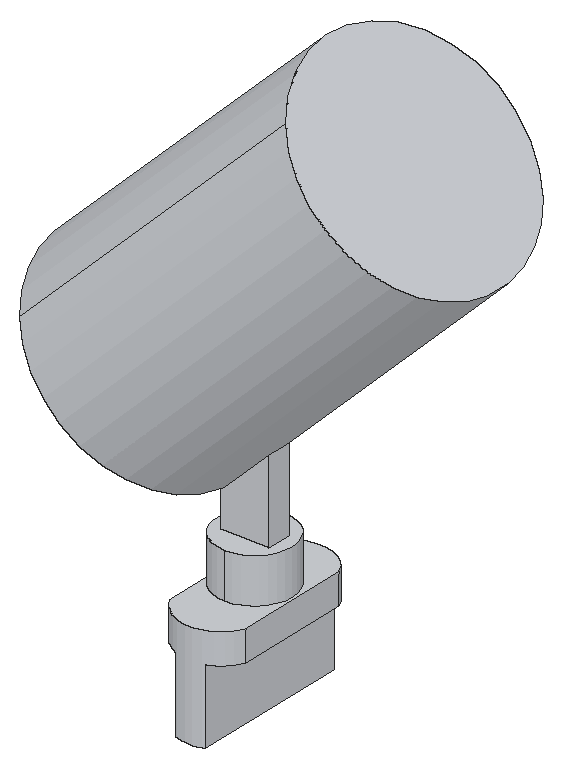
Revit family "EURS_63_LF_FB_ST151T", category Lighting Fixtures, host Face, Revit 2019
Family settings
  Host = Face
  Round Connector Dimension = Use Diameter
  Part Type = Normal
  Cut with Voids When Loaded = No
  Light Source = No
  Shared = No
  Room Calculation Point = No
Parameters (values of type "Type catalog")
  Width = 30 mm
  Voltage (V) = 230 V
  Visibility 2D symbol [instance] = not(Visibility 2D outline round)  # yes
  Visibility 2D outline round [instance] = no
  Suspension height = 100 mm
  Rotation XZ [instance] = 45.00°
  Rotation XY [instance] = 0.00°
  Product catalog - URL = "MODEL WEBPAGE"
  Order code = "ORDER CODE"
  Light source = 2 mm
  Length = 80 mm
  Last IES update = "DATE"
  Lamp type = ST151T IES Data : 1 xLED30S_930 MB
  Height = 100 mm
  Fixture code = "FIXTURE CODE"
  ETIM code URL = "ETIM CODE WEBPAGE"
  ETIM code = "MODEL ETIM CODE"
  Wattage Comments = ""
  URL = "http://www.lighting.philips.com/main/home"
  Type Comments = "Track Mount"
  Model = "MODEL NUMBER"
  Manufacturer = "Philips"
  Light loss factor = ""
  Lamp = "LAMP NAME"
  Initial luminous flux (lm) = ""
  Init. Corr. Color Temperature (K) = ""
  EOC = "EOC CODE"
  Description = "MODEL NAME"
  Default Elevation = 0 mm
  Content version = "1.0"
  Content modified date = "DATE"
  Content creation date = "DATE"
  Content Creator = "https://www.cadac.com/bimcontent"
  Constraint XZ [instance] = if(Rotation XZ < 0.00°, 0.00°, if(Rotation XZ > 90.00°, 90.00°, Rotation XZ))  # 45.00°
  Constraint XY [instance] = if(Rotation XY < 0.00°, 0.00°, if(Rotation XY > 357.00°, 357.00°, Rotation XY))  # 0.00°
  Ceiling thickness = 12.5 mm
  BIM Library - URL = "http://www.lighting.philips.com/main/support/support/revit-library#page=1"
  Assembly Code = ""
  Armatuurcode [instance] = ""
  Apparent Load = 0 VA
  12NC = "12NC CODE"
Reference planes
  plane 1 "Center (Front/Back)": y = 0
  plane 2: z = 0
  plane 3 "Center (Left/Right)": x = 0
  plane 4: z = 12.5
  plane 5 "left": x = -15
  plane 6 "right": x = 15
  plane 7 "back": y = 40
  plane 8 "front": y = -40
  plane 9: z = -12.5
  plane 10: z = -12.5
  plane 11 "Light Source": z = 168
  plane 12: z = 166
Dimensions and locks
  equal spacing: plane 7 "back", plane 1 "Center (Front/Back)", plane 8 "front"
  equal spacing: plane 5 "left", plane 3 "Center (Left/Right)", plane 6 "right"
  "Width": plane 5 "left" to plane 6 "right"
  "Length": plane 8 "front" to plane 7 "back"
  "Ceiling thickness": plane 10 to host face
  "Light source": plane 12 to plane 11 "Light Source"
  plane 12 to host face = 166 mm
  aligned and locked: plane 2 to host face
  aligned and locked: level to host face
  aligned and locked: host face to plane 9
  aligned and locked: nested 3 to plane 3 "Center (Left/Right)"
  aligned and locked: nested 3 to plane 1 "Center (Front/Back)"
  aligned and locked: nested 5 to plane 3 "Center (Left/Right)"
  aligned and locked: plane 1 "Center (Front/Back)" to nested 5
Automatic sketch dimensions
  host sketch curve to host sketch curve = 700 mm  (x2)
Nested families
  nested 1: "2D-PL-Rond" at (0, 0, 0), visible <- "Visibility 2D outline round", Diameters <- "Length", type "2D symbool"
    with Diameters 80 mm
  nested 2: "63_PHILIPS_Template_Track mount" at (0, 0, 0), type "Type catalog"
    with Visibility 2D symbol yes, Visibility 2D outline no, Visibility 2D driver no, Armatuurcode ""
  nested 3: "combined" at (0, 0, 62), rotatie 1 <- "Constraint XY", rotatie 2 <- "Constraint XZ", type "combined"
    with rotatie 2 45.00°, rotatie 1 0.00°
  nested 4: "Generic model rotatie front" at (0, 0, 62), type "Generic model rotatie front"
    with rotatie 2 45.00°
  nested 5: "2D-PL-Rond + symbool + peil" at (0, 0, 0), Rotation XY <- "Constraint XY", visible <- "Visibility 2D symbol", Diameters <- "Length", type "2D symbool"
    with radius 40 mm, Rotation XY 0.00°, Diameters 80 mm
  nested 6: "2D-PL-peil" at (0, 0, 0) x (-1, 0, 0) z (0, 0, 1), type "2D symbool"
  nested 7: "Generic model sweep" at (-20.506, 0, 82.506) x (0.7071, 0, 0.7071) z (0, -1, 0), type "Generic model sweep"
  nested 8: "ST151T IES Data" at (52.498, 0.543, 156.58) x (-0.7071, 0, 0.7071) z (-0.7071, 0, -0.7071), type <- "Lamp type", type "1 xLED30S_930 MB"
Connectors
  electrical at (0, 0, 0), driven by "Apparent Load", driven by "Voltage (V)"
    settings: index 1, voltage 230 V, apparent load 0 VA, apparent load phase1 0 VA, apparent load phase2 0 VA, apparent load phase3 0 VA, power factor 1, load classification "Lighting", number of poles 1, system type 31, power factor state 1, is connector primary yes, connector utility no, sub classification motor no, connector description ""
Definition of nested family "63_PHILIPS_Template_Track mount"
  Parameters (values of type "Type catalog")
    Width = 300 mm
    Voltage (V) = 0 V
    Visibility 2D symbol [instance] = not(Visibility 2D outline)  # yes
    Visibility 2D outline [instance] = no
    Visibility 2D driver [instance] = no
    Rotation XZ = 0.00°
    Rotation XY = 0.00°
    Product catalog - URL = "WEBPAGE MODEL"
    Order code = "ORDER CODE"
    Offset = 1 mm
    Length = 300 mm
    Last IES update = "DATE"
    Height = 100 mm
    Fixture code = "FIXTURE CODE"
    ETIM code URL = "WEBPAGE ETIM CODE"
    ETIM code = "MODEL ETIM CODE"
    EOC = "EOC CODE"
    Content version = "1.0"
    Content modified date = "DATE"
    Content creation date = "DATE"
    Connetor body height = 10 mm
    Connector width = 25 mm
    Wattage Comments = ""
    URL = "http://www.lighting.philips.nl/home"
    Type Comments = "Track Mount"
    Model = "MODEL NUMBER"
    Manufacturer = "Philips"
    Light loss factor = ""
    Lamp = ""
    Initial luminous flux (lm) = ""
    Init. Corr. Color Temperature (K) = ""
    Description = "MODEL NAME"
    Default Elevation = 0 mm
    Content Creator = "https://www.cadac.com/bimcontent"
    Connector height = 25 mm
    BIM Library - URL = "http://www.lighting.philips.com/main/support/support/revit-library#page=1"
    Assembly Code = ""
    Armatuurcode [instance] = ""
    Apparent Load = 0 VA
    12NC = "12NC CODE"
  Reference planes
    plane 1 "Center (Front/Back)": y = 0
    plane 2: z = 0
    plane 3 "Center (Left/Right)": x = 0
    plane 4 "Cadac Group AEC": y = 0
    plane 5: z = 11
    plane 6: z = -24
    plane 7: z = 1
    plane 8: x = -150
    plane 9: y = -150
    plane 10: y = 150
    plane 11: x = 150
    plane 12: z = 125.635
  Forms (mm)
    Extrusion 1, solid
      sketch origin (0, 0, 0) x (1, 0, 0) y (0, 1, 0)
        loop
          line (-350, 290) -> (-350, -329.519) -> (377.065, -329.519) -> (377.065, 290) -> (-350, 290)
      from 0 to -12.5
    Extrusion 2, solid
      sketch origin (0, 0, 11) x (0, -1, 0) y (1, 0, 0)
        loop
          arc (19.5, -12.5) -> (27.5, 0) -> (19.5, 12.5) r 13.766
          line (19.5, 12.5) -> (-19.5, 12.5)
          arc (-19.5, 12.5) -> (-27.5, 0) -> (-19.5, -12.5) r 13.766
          line (-19.5, -12.5) -> (19.5, -12.5)
      from 0 to -35
    Extrusion 3, void
      sketch origin (0, 0, 1) x (0, -1, 0) y (1, 0, 0)
        loop
          line (-40, -5) -> (-40, -15) -> (40, -15) -> (40, -5) -> (-40, -5)
        loop
          line (-40, 5) -> (40, 5) -> (40, 15) -> (-40, 15) -> (-40, 5)
      from 0 to -25
  Cuts and joins
    Extrusion 3 cuts Extrusion 2
  Dimensions and locks
    "Connector height": plane 6 to plane 7
    equal spacing: plane 8, plane 3 "Center (Left/Right)", plane 11
    "Length": plane 8 to plane 11
    equal spacing: plane 9, plane 1 "Center (Front/Back)", plane 10
    "Width": plane 9 to plane 10
    "Offset": plane 2 to plane 7
    "Connetor body height": plane 7 to plane 5
    aligned and locked: plane 2 to Extrusion 1
    aligned and locked: level to Extrusion 1
    aligned and locked: plane 4 "Cadac Group AEC" to plane 1 "Center (Front/Back)"
    aligned and locked: Extrusion 2 to plane 6
    aligned and locked: Extrusion 3 to plane 6
  Automatic sketch dimensions
    Extrusion 1 sketch curve to Extrusion 1 sketch curve = 727.065 mm
    Extrusion 1 sketch curve to Extrusion 1 sketch curve = 619.519 mm
    Extrusion 2 sketch curve to plane 3 "Center (Left/Right)" = 0 mm  (x2)
    plane 1 "Center (Front/Back)" to Extrusion 2 sketch curve = 19.5 mm  (x2)
    plane 1 "Center (Front/Back)" to Extrusion 2 sketch curve = 13.734 mm
    Extrusion 2 sketch curve to plane 1 "Center (Front/Back)" = 13.734 mm
    Extrusion 2 sketch curve to Extrusion 2 sketch curve = 5.766 mm
    Extrusion 2 sketch curve to plane 3 "Center (Left/Right)" = 12.5 mm
    plane 3 "Center (Left/Right)" to Extrusion 3 sketch curve = 5 mm
    plane 1 "Center (Front/Back)" to Extrusion 3 sketch curve = 40 mm
    Extrusion 3 sketch curve to Extrusion 3 sketch curve = 0 mm  (x2)
    Extrusion 3 sketch curve to plane 1 "Center (Front/Back)" = 40 mm
    Extrusion 3 sketch curve to plane 3 "Center (Left/Right)" = 5 mm
    Extrusion 3 sketch curve to Extrusion 3 sketch curve = 10 mm  (x2)
  Nested families
    nested 1: "63_PHILIPS_bulb_e" at (0, 0, 0), front rim outside radius <- "Connector width", type "Bulb"
      with front rim outside radius 25 mm
    nested 2: "63_PHILIPS_bulb_e" at (0, 0, 0), front rim outside radius <- "Connector width", type "Bulb"
      with front rim outside radius 25 mm
    nested 3: "2D-PL-Rond" at (0, 0, 0), Diameters <- "Length", visible <- "Visibility 2D outline", type "2D symbool"
      with Diameters 300 mm
    nested 4: "2D-PL-Driver" at (0, 0, 0), visible <- "Visibility 2D driver", type "2D symbool"
  Connectors
    electrical at (0, 0, 11), driven by "Apparent Load", driven by "Voltage (V)"
      settings: on cut or joined group of Extrusion 2, Extrusion 3, index 1, voltage 0 V, apparent load 0 VA, apparent load phase1 0 VA, apparent load phase2 0 VA, apparent load phase3 0 VA, power factor 1, load classification none, number of poles 1, system type 31, power factor state 1, is connector primary yes, connector utility no, sub classification motor no, connector description ""
  Definition of nested family "63_PHILIPS_bulb_e"
    Parameters
      front rim outside radius [instance] = 25 mm
      Description = "symbol  bulb"
      Copyright © Cadac = "www.cadac.com/aec"
      Cadac content versie = "3.2"  # constant formula
      Assembly Code = ""
    Reference planes
      plane 1 "Center (Front/Back)": y = 0
      plane 2: z = 0
      plane 3 "Center (Left/Right)": x = 0
      plane 4: y = 19.5
      plane 5: y = -19.5
    Lines and regions (mm)
      symbolic lines
        curve 1: line (-12.5, -19.5, 0) -> (-12.5, 19.5, 0)
        curve 2: line (12.5, 19.5, 0) -> (12.5, -19.5, 0)
        curve 3: arc (-12.5, -19.5, 0) -> (0, -27.5, 0) -> (12.5, -19.5, 0) r 13.766
        curve 4: arc (-12.5, 19.5, 0) -> (0, 27.5, 0) -> (12.5, 19.5, 0) r 13.766
    Dimensions and locks
      equal spacing: curve 1, plane 3 "Center (Left/Right)", curve 2
      "front rim outside radius": curve 1 to curve 2
      equal spacing: plane 5, plane 1 "Center (Front/Back)", plane 4
    Automatic sketch dimensions
      curve 4 to plane 3 "Center (Left/Right)" = 0 mm
      curve 3 to plane 3 "Center (Left/Right)" = 0 mm
      curve 1 to plane 5 = 0 mm
      plane 4 to curve 1 = 0 mm
      plane 5 to curve 3 = 5.766 mm
      plane 4 to curve 4 = 5.766 mm
  Definition of nested family "2D-PL-Rond"
    Parameters (values of type "2D symbool")
      Diameters [instance] = 250 mm
      Description = "Armatuur symbool"
      Copyright © Cadac = "www.cadac.com/aec"
      Cadac content versie = ""
      Assembly Code = ""
    Reference planes
      plane 1 "Center (Front/Back)": y = 0
      plane 2: z = 0
      plane 3 "Center (Left/Right)": x = 0
    Lines and regions (mm)
      symbolic lines
        curve 1: circle (0, 0, 0) r 125 normal (0, 0, 1)
    Dimensions and locks
      "Diameters": diameter of curve 1
    Automatic sketch dimensions
      plane 1 "Center (Front/Back)" to curve 1 = 0 mm
      curve 1 to plane 3 "Center (Left/Right)" = 0 mm
  Definition of nested family "2D-PL-Driver"
    Parameters (values of type "2D symbool")
      Description = "Armatuur symbool"
      Copyright © Cadac = "www.cadac.com/aec"
      Cadac content versie = ""
      Assembly Code = ""
    Reference planes
      plane 1 "Center (Front/Back)": y = 0
      plane 2: z = 0
      plane 3 "Center (Left/Right)": x = 0
    Lines and regions (mm)
      model lines
        curve 1: line (-12.5, -19.5, 0) -> (-12.5, 19.5, 0)
        curve 2: line (12.5, 19.5, 0) -> (12.5, -19.5, 0)
        curve 3: arc (-12.5, 19.5, 0) -> (0, 27.5, 0) -> (12.5, 19.5, 0) r 13.766
        curve 4: arc (-12.5, -19.5, 0) -> (0, -27.5, 0) -> (12.5, -19.5, 0) r 13.766
Definition of nested family "combined"
  Parameters (values of type "combined")
    rotatie 2 [instance] = 45.00°
    rotatie 1 [instance] = 0.00°
  Reference planes
    plane 1 "Center (Front/Back)": y = 0
    plane 2: z = 0
    plane 3 "Center (Left/Right)": x = 0
  Lines and regions (mm)
    reference lines
      curve 1: line (-1000, 0, 0) -> (1000, 0, 0)
      curve 2: line (0, 500, 0) -> (0, -500, 0)
  Dimensions and locks
    equal spacing: curve 1, plane 3 "Center (Left/Right)", curve 1
    equal spacing: curve 1, plane 1 "Center (Front/Back)", curve 1
    equal spacing: curve 1, curve 2, curve 1
    "rotatie 1": angle plane 1 "Center (Front/Back)" to curve 1
    aligned and locked: level to plane 2
    aligned and locked: curve 1 to nested 1
    aligned and locked: curve 2 to nested 1
  Automatic sketch dimensions
    curve 1 to curve 2 = 500 mm
    curve 2 to curve 1 = 500 mm
  Nested families
    nested 1: "Generic model u-profile" at (0, 0, 0) x (0, -1, 0) z (0, 0, 1), type "Generic model u-profil"
    nested 2: "Generic model rotatie front" at (0, 0, 0), rotatie 2 <- "rotatie 2", type "Generic model rotatie front"
      with rotatie 2 45.00°
    nested 3: "Generic model sweep" at (-20.506, 0, 20.506) x (0.7071, 0, 0.7071) z (0, -1, 0), type "Generic model sweep"
  Definition of nested family "Generic model u-profile"
    Parameters (values of type "Generic model u-profil")
      Default Elevation = 1219.2 mm
    Reference planes
      plane 1 "Center (Front/Back)": y = 0
      plane 2: z = 0
      plane 3 "Center (Left/Right)": x = 0
      plane 4: x = 4
      plane 5: x = -4
      plane 6: y = 7.979
      plane 7: y = -7.979
    Forms (mm)
      Extrusion 1, solid
        sketch origin (0, 0, -60) x (1, 0, 0) y (0, 1, 0)
          loop
            line (-4, 7.979) -> (-4, -7.979) -> (4, -7.979) -> (4, 7.979) -> (-4, 7.979)
        from 25 to 75
      Extrusion 2, solid
        sketch origin (0, 0, -50) x (1, 0, 0) y (0, 1, 0)
          loop
            circle (0, 0) r 12.5
        from 0 to 15
    Dimensions and locks
      equal spacing: plane 5, plane 3 "Center (Left/Right)", plane 4
      equal spacing: plane 6, plane 1 "Center (Front/Back)", plane 7
      aligned and locked: level to plane 2
    Automatic sketch dimensions
      Extrusion 1 sketch curve to plane 5 = 0 mm
      Extrusion 1 sketch curve to plane 4 = 0 mm
      Extrusion 1 sketch curve to plane 7 = 0 mm
      plane 6 to Extrusion 1 sketch curve = 0 mm
      plane 1 "Center (Front/Back)" to Extrusion 2 sketch curve = 0 mm
      Extrusion 2 sketch curve to plane 3 "Center (Left/Right)" = 0 mm
      radius of Extrusion 2 sketch curve = 12.5 mm
  Definition of nested family "Generic model sweep"
    Parameters (values of type "Generic model sweep")
      Default Elevation = 1219.2 mm
    Reference planes
      plane 1 "Center (Front/Back)": y = 0
      plane 2: z = 0
      plane 3 "Center (Left/Right)": x = 0
    Forms (mm)
      Sweep 1, solid
        path origin (41.5, 0, 0) x (1, 0, 0) y (0, 1, 0)
          loop
            line (-62.5, 0) -> (62.5, 0)
        profile "Profile_spot : Profile_spot" origin (41.5, 0, 0) x (0, 1, 0) y (0, 0, 1)
          loop
            circle (0, 0) r 40
    Dimensions and locks
      Sweep 1 sketch curve to Sweep 1 sketch curve = 125 mm
      aligned and locked: level to plane 2
Definition of nested family "Generic model sweep"
  Parameters (values of type "Generic model sweep")
    Default Elevation = 1219.2 mm
  Reference planes
    plane 1 "Center (Front/Back)": y = 0
    plane 2: z = 0
    plane 3 "Center (Left/Right)": x = 0
  Forms (mm)
    Sweep 1, solid
      path origin (41.5, 0, 0) x (1, 0, 0) y (0, 1, 0)
        loop
          line (-62.5, 0) -> (62.5, 0)
      profile "Profile_spot : Profile_spot" origin (41.5, 0, 0) x (0, 1, 0) y (0, 0, 1)
        loop
          circle (0, 0) r 40
  Dimensions and locks
    Sweep 1 sketch curve to Sweep 1 sketch curve = 125 mm
    aligned and locked: level to plane 2
Definition of nested family "2D-PL-Rond"
  Parameters (values of type "2D symbool")
    Diameters [instance] = 250 mm
    Description = "Armatuur symbool"
    Copyright © Cadac = "www.cadac.com/aec"
    Cadac content versie = ""
    Assembly Code = ""
  Reference planes
    plane 1 "Center (Front/Back)": y = 0
    plane 2: z = 0
    plane 3 "Center (Left/Right)": x = 0
  Lines and regions (mm)
    symbolic lines
      curve 1: circle (0, 0, 0) r 125 normal (0, 0, 1)
  Dimensions and locks
    "Diameters": diameter of curve 1
  Automatic sketch dimensions
    plane 1 "Center (Front/Back)" to curve 1 = 0 mm
    curve 1 to plane 3 "Center (Left/Right)" = 0 mm
Definition of nested family "Generic model rotatie front"
  Parameters (values of type "Generic model rotatie front")
    rotatie 2 [instance] = 45.00°
    Default Elevation = 1219.2 mm
  Reference planes
    plane 1 "Center (Front/Back)": y = 0
    plane 2: z = 0
    plane 3 "Center (Left/Right)": x = 0
  Lines and regions (mm)
    reference lines
      curve 1: line (-707.107, 0, -707.107) -> (707.107, 0, 707.107)
      curve 2: line (-353.553, 0, 353.553) -> (353.553, 0, -353.553)
  Dimensions and locks
    equal spacing: curve 1, plane 3 "Center (Left/Right)", curve 1
    equal spacing: curve 1, plane 2, curve 1
    equal spacing: curve 2, plane 3 "Center (Left/Right)", curve 2
    equal spacing: curve 2, plane 2, curve 2
    "rotatie 2": angle plane 2 to curve 1
    "rotatie 2": angle plane 3 "Center (Left/Right)" to curve 2
    aligned and locked: level to plane 2
  Nested families
    nested 1: "Generic model sweep" at (-20.506, 0, 20.506) x (0.7071, 0, 0.7071) z (0, -1, 0), type "Generic model sweep"
  Definition of nested family "Generic model sweep"
    Parameters (values of type "Generic model sweep")
      Default Elevation = 1219.2 mm
    Reference planes
      plane 1 "Center (Front/Back)": y = 0
      plane 2: z = 0
      plane 3 "Center (Left/Right)": x = 0
    Forms (mm)
      Sweep 1, solid
        path origin (41.5, 0, 0) x (1, 0, 0) y (0, 1, 0)
          loop
            line (-62.5, 0) -> (62.5, 0)
        profile "Profile_spot : Profile_spot" origin (41.5, 0, 0) x (0, 1, 0) y (0, 0, 1)
          loop
            circle (0, 0) r 40
    Dimensions and locks
      Sweep 1 sketch curve to Sweep 1 sketch curve = 125 mm
      aligned and locked: level to plane 2
Definition of nested family "2D-PL-Rond + symbool + peil"
  Parameters (values of type "2D symbool")
    radius [instance] = Diameters / 2  # 125 mm
    Visibility 2D symbol = yes
    Rotation XY [instance] = 70.00°
    Diameters [instance] = 250 mm
    Description = "Armatuur symbool"
    Copyright © Cadac = "www.cadac.com/aec"
    Cadac content versie = ""
    Assembly Code = ""
  Reference planes
    plane 1 "Center (Front/Back)": y = 0
    plane 2: z = 0
    plane 3 "Center (Left/Right)": x = 0
  Lines and regions (mm)
    symbolic lines
      curve 1: circle (0, 0, 0) r 125 normal (0, 0, 1)
    reference lines
      curve 2: line (0, 0, 0) -> (114.577, 314.797, 0)
  Dimensions and locks
    locked: plane 3 "Center (Left/Right)" to nested 2 at 0
    "Diameters": diameter of curve 1
    "Rotation XY": angle plane 1 "Center (Front/Back)" to curve 2
    aligned and locked: plane 3 "Center (Left/Right)" to curve 2
    aligned and locked: plane 1 "Center (Front/Back)" to curve 2
    aligned and locked: nested 2 to curve 2
  Automatic sketch dimensions
    plane 1 "Center (Front/Back)" to curve 1 = 0 mm
    curve 1 to plane 3 "Center (Left/Right)" = 0 mm
  Nested families
    nested 1: "PL-opbouwarmatuur plafond rond" at (0, 0, 0), radius cirkel <- "radius", visible <- "Visibility 2D symbol", type "PL lichtpunt"
      with radius cirkel 125 mm, lengte symbool 162.5 mm, l1 140 mm, breedte symbool 150 mm, b1 52.5 mm, Diameters 250 mm
    nested 2: "2D-PL-peil" at (0, 0, 0) x (-0.342, -0.9397, 0) z (0, 0, 1), visible <- "Visibility 2D symbol", type "2D symbool"
  Definition of nested family "PL-opbouwarmatuur plafond rond"
    Parameters (values of type "PL lichtpunt")
      radius cirkel [instance] = 200 mm
      lengte symbool [instance] = 162.5 mm
      l1 [instance] = 140 mm
      breedte symbool [instance] = radius cirkel + 25 mm  # 225 mm
      b1 [instance] = 52.5 mm
      Diameters = 74 mm
      Description = "PL lichtpunt"
      Copyright © Cadac = "www.cadac.com/aec"
      Cadac content versie = "4.0"  # constant formula
      Assembly Code = ""
    Reference planes
      plane 1 "Center (Front/Back)": y = 0
      plane 2: z = 0
      plane 3 "Center (Left/Right)": x = 0
      plane 4: y = 112.5
      plane 5: y = -112.5
    Lines and regions (mm)
      symbolic lines
        curve 1: circle (0, 0, 0) r 200 normal (0, 0, 1)
        curve 2: line (-165.359, 112.5, 0) -> (165.359, -112.5, 0)
        curve 3: line (-165.359, -112.5, 0) -> (165.359, 112.5, 0)
    Dimensions and locks
      equal spacing: plane 4, plane 1 "Center (Front/Back)", plane 5
      "breedte symbool": plane 4 to plane 5
      "radius cirkel": radius of curve 1
      aligned and locked: plane 4 to curve 2
      aligned and locked: plane 4 to curve 3
      aligned and locked: plane 5 to curve 3
      aligned and locked: plane 5 to curve 2
    Automatic sketch dimensions
      plane 1 "Center (Front/Back)" to curve 1 = 0 mm
      curve 1 to plane 3 "Center (Left/Right)" = 0 mm
  Definition of nested family "2D-PL-peil"
    Parameters (values of type "2D symbool")
      lengte = 200 mm
      Type Comments = "GEEN CALCULATIEOBJECT"
      Peil lengte = 100 mm
      Manufacturer = ""
      Description = "Armatuur 2D symbool"
      Default Elevation = 1219.2 mm
      Copyright © Cadac = "www.cadac.com/aec"
      Cadac content versie = ""
      Assembly Code = ""
    Reference planes
      plane 1 "Center (Front/Back)": y = 0
      plane 2: z = 0
      plane 3 "Center (Left/Right)": x = 0
      plane 4: y = 150
      plane 5: y = -150
      plane 6: y = 176.777
      plane 7: x = -176.777
      plane 8: x = 176.777
      plane 9: y = -176.777
      plane 10: y = 400
      plane 11: y = -191.421
      plane 12: y = -206.066
      plane 13: y = -220.711
      plane 14: y = -235.355
    Lines and regions (mm)
      symbolic lines
        curve 1: line (-200, 0, 0) -> (0, 0, 0)
        curve 2: line (-200, 0, 0) -> (-121.849, 62.389, 0)
        curve 3: line (-200, 0, 0) -> (-121.849, -62.389, 0)
      reference lines
        curve 4: line (100, -50, 0) -> (-245, -50, 0)
    Dimensions and locks
      equal spacing: plane 5, plane 1 "Center (Front/Back)", plane 4
      locked: plane 4 to plane 5 at 300
      locked: plane 7 to plane 8 at 353.553
      locked: plane 6 to plane 9 at 353.553
      equal spacing: plane 7, plane 3 "Center (Left/Right)", plane 8
      equal spacing: plane 6, plane 1 "Center (Front/Back)", plane 9
      locked: plane 1 "Center (Front/Back)" to plane 10 at 400
      equal spacing: plane 9, plane 11, plane 12, plane 13, plane 14
      locked: plane 9 to plane 14 at 58.579
      "lengte": curve 1 to curve 1
      "Peil lengte": curve 2 to curve 2
      "Peil lengte": curve 3 to curve 3
    Automatic sketch dimensions
      curve 4 to plane 7 = 68.223 mm
      plane 1 "Center (Front/Back)" to curve 4 = 50 mm
      curve 4 to plane 8 = 76.777 mm
      plane 1 "Center (Front/Back)" to curve 3 = 0 mm
      curve 1 to plane 3 "Center (Left/Right)" = 0 mm
      plane 7 to curve 2 = 54.928 mm
      plane 7 to curve 3 = 54.928 mm
Definition of nested family "2D-PL-peil"
  Parameters (values of type "2D symbool")
    lengte = 200 mm
    Type Comments = "GEEN CALCULATIEOBJECT"
    Peil lengte = 100 mm
    Manufacturer = ""
    Description = "Armatuur 2D symbool"
    Default Elevation = 1219.2 mm
    Copyright © Cadac = "www.cadac.com/aec"
    Cadac content versie = ""
    Assembly Code = ""
  Reference planes
    plane 1 "Center (Front/Back)": y = 0
    plane 2: z = 0
    plane 3 "Center (Left/Right)": x = 0
    plane 4: y = 150
    plane 5: y = -150
    plane 6: y = 176.777
    plane 7: x = -176.777
    plane 8: x = 176.777
    plane 9: y = -176.777
    plane 10: y = 400
    plane 11: y = -191.421
    plane 12: y = -206.066
    plane 13: y = -220.711
    plane 14: y = -235.355
  Lines and regions (mm)
    symbolic lines
      curve 1: line (-200, 0, 0) -> (0, 0, 0)
      curve 2: line (-200, 0, 0) -> (-121.849, 62.389, 0)
      curve 3: line (-200, 0, 0) -> (-121.849, -62.389, 0)
    reference lines
      curve 4: line (100, -50, 0) -> (-245, -50, 0)
  Dimensions and locks
    equal spacing: plane 5, plane 1 "Center (Front/Back)", plane 4
    locked: plane 4 to plane 5 at 300
    locked: plane 7 to plane 8 at 353.553
    locked: plane 6 to plane 9 at 353.553
    equal spacing: plane 7, plane 3 "Center (Left/Right)", plane 8
    equal spacing: plane 6, plane 1 "Center (Front/Back)", plane 9
    locked: plane 1 "Center (Front/Back)" to plane 10 at 400
    equal spacing: plane 9, plane 11, plane 12, plane 13, plane 14
    locked: plane 9 to plane 14 at 58.579
    "lengte": curve 1 to curve 1
    "Peil lengte": curve 2 to curve 2
    "Peil lengte": curve 3 to curve 3
  Automatic sketch dimensions
    curve 4 to plane 7 = 68.223 mm
    plane 1 "Center (Front/Back)" to curve 4 = 50 mm
    curve 4 to plane 8 = 76.777 mm
    plane 1 "Center (Front/Back)" to curve 3 = 0 mm
    curve 1 to plane 3 "Center (Left/Right)" = 0 mm
    plane 7 to curve 2 = 54.928 mm
    plane 7 to curve 3 = 54.928 mm
Definition of nested family "ST151T IES Data"
  Parameters (values of type "1 xLED30S_940 WB")
    Wattage = 27 W
    built-in parameter 1150110 = 1 (stored number, unit not read)
    built-in parameter 1114217 = 1 (stored number, unit not read)
    Tilt Angle = 90.00°
    built-in parameter 1150109 = 1 (stored number, unit not read)
    built-in parameter 1150134 = 12
    built-in parameter 1150113 = 1 (stored number, unit not read)
    Photometric Web File = "ST151T 1 xLED30S_940 WB.ies"
    Model = "ST151T"
    Manufacturer = "Philips"
    built-in parameter 1150105 = 238.73 (stored number, unit not read)
    Lumens = 3000 lm
    built-in parameter 1150115 = 1 (stored number, unit not read)
    built-in parameter 1150137 = (empty or 0)
    built-in parameter 1150139 = (empty or 0)
    built-in parameter 1150112 = 1 (stored number, unit not read)
    built-in parameter 1150114 = 1 (stored number, unit not read)
    Lamp = "LED30S/940"
    built-in parameter 1150132 = (empty or 0)
    built-in parameter 1150102 = (empty or 0)
    built-in parameter 1150107 = 4000 (stored number, unit not read)
    built-in parameter 1150138 = (empty or 0)
    built-in parameter 1150106 = 2.3873 (stored number, unit not read)
    Emit from Circle Diameter = 67 mm
    Emit Shape Visible in Rendering = yes
    built-in parameter 1150104 = 10.323 (stored number, unit not read)
    Dimming Lamp Color Temperature Shift = (empty or 0)
    Description = ""
    Default Elevation = 0 mm
    Content Creator = "https://www.cadac.com/bimcontent"
    Color Filter = 16777215
    built-in parameter 1114218 = 1 (stored number, unit not read)
    built-in parameter 1150133 = 10 (stored number, unit not read)
    Apparent Load = 27 VA
  Types (4, lengths in mm): name | Wattage | built-in parameter 1150134 | Photometric Web File | Lamp | built-in parameter 1150107 | built-in parameter 1150104 | Apparent Load
    1 xLED30S_940 WB | 27 W | 12 | "ST151T 1 xLED30S_940 WB.ies" | "LED30S/940" | 4000 (stored number, unit not read) | 10.323 (stored number, unit not read) | 27 VA
    1 xLED30S_940 MB | 27 W | 12 | "ST151T 1 xLED30S_940 MB.ies" | "LED30S/940" | 4000 (stored number, unit not read) | 10.323 (stored number, unit not read) | 27 VA
    1 xLED30S_930 WB | 30 W | (empty or 0) | "ST151T 1 xLED30S_930 WB.ies" | "LED30S/930" | 3000 (stored number, unit not read) | 9.2903 (stored number, unit not read) | 30 VA
    1 xLED30S_930 MB | 30 W | (empty or 0) | "ST151T 1 xLED30S_930 MB.ies" | "LED30S/930" | 3000 (stored number, unit not read) | 9.2903 (stored number, unit not read) | 30 VA
  Reference planes
    plane 1 "Center (Front/Back)": y = 0
    plane 2: z = 0
    plane 3 "Center (Left/Right)": x = 0
  Forms (mm)
    Extrusion 1, solid
      sketch origin (0, 0, 0) x (1, 0, 0) y (0, 1, 0)
        loop
          line (-1219.2, 1219.2) -> (-1219.2, -1219.2) -> (1219.2, -1219.2) -> (1219.2, 1219.2) -> (-1219.2, 1219.2)
      from 0 to 123.942
  Dimensions and locks
    aligned and locked: plane 2 to Extrusion 1
    aligned and locked: level to Extrusion 1
